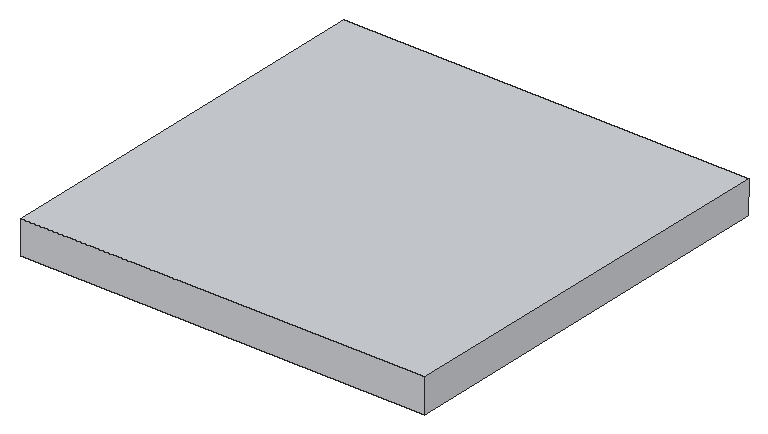
Revit family "c21d03e3a47648e3a903abecba91796e", category Mechanical Equipment, host Face, Revit 2021
Family settings
  Host = Face
  Round Connector Dimension = Use Diameter
  Part Type = Normal
  OmniClass Number = 23.75.70.21.27
  OmniClass Title = Air Outlets and Inlets
  Seek Item ID = Rectangular Duct Connector - Other Air - Mechanical Equipment-0000-USA-ENU
  Cut with Voids When Loaded = No
  Shared = No
  Room Calculation Point = No
Parameters (values of type "Standard")
  Width [instance] = 12"
  Thickness [instance] = 1"
  Height [instance] = 12"
  Flow [instance] = 100 CFM
  Default Elevation = 0' - 0"
  Assembly Code = ""
Reference planes (in)
  plane 1 "Center (Front/Back)": y = 0
  plane 2: z = 0
  plane 3 "Center (Left/Right)": x = 0
Forms (in)
  Sweep 1, solid
    path in 3D
      loop
        line (0, 0, 0) -> (0, 0, 1)
    profile "Duct - Rectangular : Duct - Rectangular" origin (0, 0, 0.5) x (0, -1, 0) y (1, 0, 0)
      loop
        line (-6, 6) -> (-6, -6) -> (6, -6) -> (6, 6) -> (-6, 6)
Lines and regions (in)
  reference lines
    curve 1: line (0, 0, 0) -> (0, 0, 1)
  sketch lines
    curve 2: line (0, 0, 0) -> (0, 0, 1)
Dimensions and locks (in)
  "Thickness": curve 1 to curve 1
  aligned and locked: plane 2 to host face
  aligned and locked: level to host face
  aligned and locked: host face to curve 1
  aligned and locked: curve 1 to plane 1 "Center (Front/Back)"
Automatic sketch dimensions
  host sketch curve to host sketch curve = 8' - 0"  (x2)
Connectors (in)
  hvac at (0, 0, 1), driven by "Height", driven by "Width", driven by "Flow"
    settings: on Sweep 1, index 1, duct flow 100 CFM, flow factor 0, pres drop 0.00 in-wg, loss coef 0, conn angle 0.00°, conn width 12", conn height 12", conn diameter 24", duct sys type 4, conn prof type 1, flow config 1, flow direction 2, loss method 0, conn ref index -1, conn util no, is conn primary yes, conn desc ""
